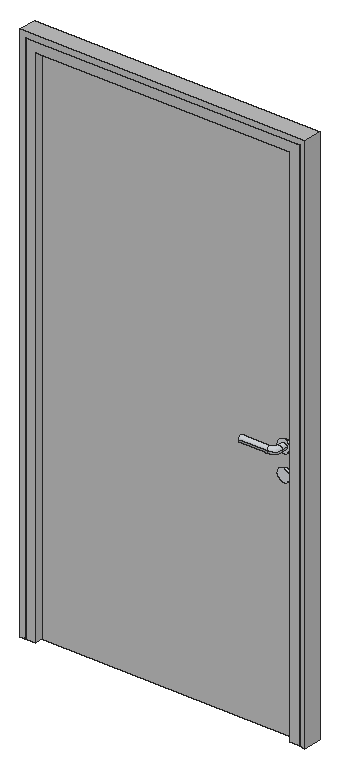
Revit family "BRU_Дверь_Однопольная_Стальная_Кл_П", category Двери, Revit 2021
Family settings
  Основа = Стена
  Номер OmniClass = 23.30.10.00
  Заголовок OmniClass = Doors
  Всегда вертикально = Да
  При загрузке вырезать с полостями = Нет
  Общий = Нет
  Точка принадлежности помещению = Нет
Parameters (values of type "ДСВ-О-Н-EI60 1100х2100(h) Пр")
  Четверть сверху.Размер [instance] = 30 mm
  Четверть (есть/нет) [instance] = no
  Четверть сверху [instance] = if([Четверть (есть/нет)], Четверть сверху.Размер, 0 mm)  # 0 mm
  Четверть сбоку [instance] = if([Четверть (есть/нет)], Четверти сбоку.Размер, 0 mm)  # 0 mm
  Четверти сбоку.Размер [instance] = 30 mm
  Угол в плане 30 [instance] = yes
  Тип полотна двери = Полотно : Глухое
  Ручка двери = none
  Рама двери.Ширина справа = 80 mm
  Рама двери.Ширина слева = 80 mm
  Рама двери.Ширина внизу = 80 mm
  Рама двери.Ширина вверху = 80 mm
  Полотно двери. Высота = Height - Коробка.Ширина  # 2050 mm
  Площадь [instance] = Rough Width * Rough Height  # 2.453 m²
  Откосы.Ширина [instance] = 530 mm
  Define Thermal Properties by = 1
  Fire Rating = ""
  О_Обозначение = ""
  О_Наименование = ""
  Монтажный зазор снизу.Толщина [instance] = 130 mm
  Монтажный зазор сверху.Толщина = 20 mm
  Коробка.Ширина = 30 mm
  Коробка.Толщина = 70 mm
  Правая = yes
  Полотно.Толщина = 40 mm
  Полотно двери = none
  Остекление двери = none
  Наличник.Ширина [instance] = 60 mm
  Наличник.Толщина [instance] = 10 mm
  Наличник снаружи (есть/нет) [instance] = no
  Наличник внутри (есть/нет) [instance] = no
  Монтажный зазор сбоку.Толщина = 20 mm
  Type Comments = ""
  Глубина выреза проема наружу [instance] = 200 mm
  Глубина выреза проема внутрь [instance] = 200 mm
  Глубина вставки двери [instance] = 0 mm
  Левая = not(Правая)  # no
  Защитное ограждение (есть/нет) = no
  Огибание наружных слоев [instance] = 0 mm
  Width = 1060 mm
  Rough Width [instance] = Width + Монтажный зазор сбоку.Толщина * 2  # 1100 mm
  Rough Height [instance] = Height + Монтажный зазор сверху.Толщина + Монтажный зазор снизу.Толщина  # 2230 mm
  Группа модели = "Дверь глухая с порогом"
  Manufacturer = ""
  Wall Closure = (empty or 0)
  Height = 2080 mm
  Description = ""
  Тип конструкций = "Дверь стальная"
  Аналитическая конструкция = "<Нет>"
  BRU_ДверьТип = "BRU_Дверь_Однопольная_Стальная_Техническая_Противопожарная"
  ADSK_Этаж [instance] = ""
  ADSK_Толщина стены [instance] = 0 mm
  ADSK_Примечание [instance] = ""
  ADSK_Предел огнестойкости = "EI60"
  ADSK_Позиция [instance] = ""
  ADSK_Открывание = if(Правая, "Правая", "Левая")  # "Правая"
  ADSK_Обозначение = "ГОСТ 6629-88"  # constant formula
  ADSK_Наименование краткое = ""
  ADSK_Наименование = "ДСВ-О-Н-EI60 1100х2100(h)"
  ADSK_Масса_Текст = ""
  ADSK_Количество [instance] = 0
  ADSK_Код изделия = ""
  ADSK_Зона [instance] = ""
  ADSK_Завод-изготовитель = ""
  ADSK_Единица измерения = ""
  ADSK_Группирование [instance] = ""
  ADSK_URL страницы изделия = ""
  ADSK_URL документации изделия = ""
Types (2, lengths in mm): name | Полотно двери. Высота | Площадь | Правая | Левая | Width | Rough Width | Rough Height | Height | ADSK_Открывание
  ДСВ-О-Н-EI60 1100х2100(h) Пр | 2050 | 2.453 m² | yes | no | 1060 | 1100 | 2230 | 2080 | "Правая"
  ДСВ-О-Н-EI60 1100х2100(h) Л | 2070 | 2.565 m² | no | yes | 1100 | 1140 | 2250 | 2100 | "Левая"
Reference planes
  plane 1: y = 0
  plane 2 "По центру (Влево/Вправо)": x = 0
  plane 3 "Слева": x = -550
  plane 4 "Справа": x = 550
  plane 5: z = 2230
  plane 6 "Наружный": y = 300
  plane 7 "Внутренние": y = -300
  plane 8 "Вставка двери": y = 300
  plane 9 "Четверть слева": x = -550
  plane 10 "Четверть справа": x = 550
  plane 11 "Четверть сверху": z = 2230
  plane 12 "Полотно двери": y = 260
  plane 13 "Рама внутри": y = 230
  plane 14 "Монтажный зазор слева": x = -530
  plane 15 "Монтажный зазор справа": x = 530
  plane 16 "Монтажный зазор сверху": z = 2210
  plane 17 "Глубина огибания наружного слоя": y = 300
  plane 18: y = 310
  plane 19: x = 540
  plane 20: y = -310
  plane 21: x = -540
  plane 22: y = 500
  plane 23: y = -500
  plane 24 "2": z = 130
Forms (mm)
  Extrusion 1, void
    sketch origin (0, 0, 0) x (1, 0, 0) y (0, 1, 0)
      loop
        line (550, 300) -> (-550, 300) -> (-550, -500) -> (550, -500) -> (550, 300)
    from 0 to 2230
  Extrusion 2, void
    sketch origin (0, 0, 0) x (1, 0, 0) y (0, 1, 0)
      loop
        line (550, 500) -> (-550, 500) -> (-550, 300) -> (550, 300) -> (550, 500)
    from 0 to 2230
  Sweep 3, solid, material <- "Полотно двери", visible <- "Наличник снаружи (есть/нет)", detail levels fine
    path origin (0, 300, 0) x (1, 0, 0) y (0, 0, 1)
      loop
        line (-550, 130) -> (-550, 2230) -> (550, 2230) -> (550, 130)
    profile origin (-550, 300, 1180) x (-1, 0, 0) y (0, -1, 0)
      loop
        line (-10, 0) -> (-10, -5)
        arc (-10, -5) -> (-8.536, -8.536) -> (-5, -10) r 5
        line (-5, -10) -> (45, -10)
        arc (45, -10) -> (48.536, -8.536) -> (50, -5) r 5
        line (50, -5) -> (50, 0) -> (-10, 0)
  Sweep 4, solid, material <- "Полотно двери", visible <- "Наличник внутри (есть/нет)", detail levels fine
    path origin (0, -300, 0) x (1, 0, 0) y (0, 0, 1)
      loop
        line (-550, 130) -> (-550, 2230) -> (550, 2230) -> (550, 130)
    profile origin (-550, -300, 1180) x (-1, 0, 0) y (0, -1, 0)
      loop
        line (-20, 0) -> (40, 0) -> (40, 5)
        arc (40, 5) -> (38.536, 8.536) -> (35, 10) r 5
        line (35, 10) -> (-15, 10)
        arc (-15, 10) -> (-18.536, 8.536) -> (-20, 5) r 5
        line (-20, 5) -> (-20, 0)
  Sweep 5, solid, material <- "Полотно двери"
    path origin (0, 300, 0) x (-1, 0, 0) y (0, 0, 1)
      loop
        line (530, 130) -> (530, 2210) -> (-530, 2210) -> (-530, 130)
    profile origin (530, 300, 1170) x (0, 1, 0) y (-1, 0, 0)
      loop
        line (0, 0) -> (0, 30) -> (-40, 30) -> (-40, 40) -> (-70, 40) -> (-70, 0) -> (0, 0)
  Sweep 6, solid, material <- "Полотно двери", visible <- "Наличник снаружи (есть/нет)", detail levels fine
    path origin (0, 300, 0) x (-1, 0, 0) y (0, 0, 1)
      loop
        line (550, 130) -> (550, 2230) -> (-550, 2230) -> (-550, 130)
    profile origin (550, 300, 1180) x (0, 1, 0) y (-1, 0, 0)
      loop
        line (5, 0) -> (5, 10) -> (0, 10) -> (0, 0) -> (5, 0)
  Extrusion 7, solid, material <- "Полотно двери"
    sketch origin (-2514.822, 300, 1200) x (-1, 0, 0) y (0, 0, 1)
      loop
        line (-3064.822, 1030) -> (-3064.822, -1070) -> (-3043.822, -1070) -> (-3043.822, 1009) -> (-1985.822, 1009) -> (-1985.822, -1070) -> (-1964.822, -1070) -> (-1964.822, 1030) -> (-3064.822, 1030)
    from 0 to -70
Cuts and joins
  joined: Sweep 3, Sweep 6
Lines and regions (mm)
  Masking region 1, detail levels fine
    outline origin (0, 0, 0) x (0, 1, 0) y (0, 0, 1)
      loop
        line (230, 2170) -> (260, 2170) -> (260, 2180) -> (300, 2180) -> (300, 2210) -> (230, 2210) -> (230, 2170)
  Masking region 2, detail levels fine
    outline origin (0, 0, 0) x (0, 1, 0) y (0, 0, 1)
      loop
        line (300, 130) -> (300, 2180) -> (260, 2180) -> (260, 130) -> (300, 130)
  Masking region 3, detail levels fine
    outline origin (0, 0, 0) x (0, 1, 0) y (0, 0, 1)
      loop
        line (230, 2170) -> (230, 130) -> (260, 130) -> (260, 2170) -> (230, 2170)
  Masking region 4, detail levels coarse+medium
    outline origin (0, 0, 0) x (0, 1, 0) y (0, 0, 1)
      loop
        line (300, 130) -> (300, 2230) -> (230, 2230) -> (230, 130) -> (300, 130)
Text (mm)
  text "Наружный" at (-2295.016, 1099.543, 0), in view "Опорный уровень "
  text "Наружный" at (0, 1615.38, 3698.081), in view "Слева"
  text "Наружный" at (0, 1036.032, 3874.932), in view "Справа"
Dimensions and locks
  equal spacing: plane 14 "Монтажный зазор слева", plane 2 "По центру (Влево/Вправо)", plane 15 "Монтажный зазор справа"
  "Width": plane 14 "Монтажный зазор слева" to plane 15 "Монтажный зазор справа"
  "Height": plane 16 "Монтажный зазор сверху" to plane 24 "2"
  host wall to plane 5 = 2230 mm  (x2)
  locked: plane 6 "Наружный" to host wall
  locked: plane 7 "Внутренние" to host wall
  "Четверть сбоку": plane 3 "Слева" to plane 9 "Четверть слева"
  "Четверть сбоку": plane 10 "Четверть справа" to plane 4 "Справа"
  "Глубина вставки двери": plane 6 "Наружный" to plane 8 "Вставка двери"
  "Наличник.Ширина": Sweep 3 sketch curve to plane 21
  "Коробка.Толщина": plane 8 "Вставка двери" to plane 13 "Рама внутри"
  "Полотно.Толщина": plane 8 "Вставка двери" to plane 12 "Полотно двери"
  "Огибание наружных слоев": plane 6 "Наружный" to plane 17 "Глубина огибания наружного слоя"
  "Наличник.Ширина": Sweep 4 sketch curve to Sweep 4 sketch curve
  locked: Sweep 4 sketch curve to Sweep 4 sketch curve at 5  (x4)
  locked: Sweep 3 sketch curve to Sweep 3 sketch curve at 5
  "Коробка.Ширина": Sweep 5 sketch curve to profile plane
  locked: Sweep 5 sketch curve to Sweep 5 sketch curve at 10
  "Наличник.Толщина": plane 7 "Внутренние" to plane 20
  "Наличник.Толщина": plane 18 to plane 6 "Наружный"
  "Наличник.Толщина": plane 9 "Четверть слева" to plane 21
  "Наличник.Толщина": plane 19 to plane 10 "Четверть справа"
  locked: plane 18 to Sweep 3 sketch curve at 5  (x2)
  locked: Sweep 3 sketch curve to plane 21 at 5
  locked: plane 18 to Sweep 6 sketch curve at 5
  "Откосы.Ширина": plane 7 "Внутренние" to plane 13 "Рама внутри"
  equal spacing: plane 3 "Слева", plane 2 "По центру (Влево/Вправо)", plane 4 "Справа"
  "Rough Width": plane 3 "Слева" to plane 4 "Справа"
  "Глубина выреза проема внутрь": plane 23 to plane 7 "Внутренние"
  "Глубина выреза проема наружу": plane 6 "Наружный" to plane 22
  locked: Extrusion 7 sketch curve to plane 15 "Монтажный зазор справа" at 1
  locked: Extrusion 7 sketch curve to plane 16 "Монтажный зазор сверху" at 1
  locked: plane 14 "Монтажный зазор слева" to Extrusion 7 sketch curve at 1
  "Монтажный зазор снизу.Толщина": level to plane 24 "2"
  "Монтажный зазор сверху.Толщина": plane 5 to plane 16 "Монтажный зазор сверху"
  "Четверть сверху": plane 5 to plane 11 "Четверть сверху"
  aligned and locked: plane 1 to host wall
  aligned and locked: plane 8 "Вставка двери" to Extrusion 1 sketch curve
  aligned and locked: plane 3 "Слева" to Extrusion 1 sketch curve
  aligned and locked: Extrusion 1 sketch curve to plane 4 "Справа"
  aligned and locked: Extrusion 1 to level
  aligned and locked: Extrusion 1 to plane 5
  aligned and locked: Extrusion 2 sketch curve to plane 8 "Вставка двери"
  aligned and locked: plane 10 "Четверть справа" to Extrusion 2 sketch curve
  aligned and locked: Extrusion 2 sketch curve to plane 9 "Четверть слева"
  aligned and locked: Extrusion 2 to level
  aligned and locked: plane 11 "Четверть сверху" to Extrusion 2
  aligned and locked: plane 9 "Четверть слева" to Sweep 3 sketch curve
  aligned and locked: plane 11 "Четверть сверху" to Sweep 3 sketch curve
  aligned and locked: plane 10 "Четверть справа" to Sweep 3 sketch curve
  aligned and locked: Sweep 4 sketch curve to plane 3 "Слева"
  aligned and locked: Sweep 4 sketch curve to plane 5
  aligned and locked: Sweep 4 sketch curve to plane 4 "Справа"
  aligned and locked: Sweep 4 sketch curve to plane 7 "Внутренние"
  aligned and locked: Sweep 5 sketch curve to plane 15 "Монтажный зазор справа"
  aligned and locked: Sweep 5 sketch curve to plane 16 "Монтажный зазор сверху"
  aligned and locked: Sweep 5 sketch curve to plane 14 "Монтажный зазор слева"
  aligned and locked: profile plane to Sweep 5 sketch curve
  aligned and locked: plane 13 "Рама внутри" to Sweep 5 sketch curve
  aligned and locked: plane 8 "Вставка двери" to Sweep 5 sketch curve
  aligned and locked: plane 12 "Полотно двери" to Sweep 5 sketch curve
  aligned and locked: plane 12 "Полотно двери" to nested 1
  aligned and locked: nested 1 to plane 8 "Вставка двери"
  aligned and locked: Sweep 5 to nested 1
  aligned and locked: nested 1 to Sweep 5  (x2)
  aligned and locked: plane 2 "По центру (Влево/Вправо)" to nested 2
  aligned and locked: nested 2 to plane 8 "Вставка двери"
  aligned and locked: plane 12 "Полотно двери" to nested 2
  aligned and locked: plane 13 "Рама внутри" to nested 2
  aligned and locked: plane 2 "По центру (Влево/Вправо)" to nested 3
  aligned and locked: plane 8 "Вставка двери" to nested 3
  aligned and locked: nested 3 to plane 12 "Полотно двери"
  aligned and locked: nested 3 to plane 13 "Рама внутри"
  aligned and locked: Sweep 4 sketch curve to plane 14 "Монтажный зазор слева"
  aligned and locked: profile plane to Sweep 3 sketch curve
  aligned and locked: Sweep 6 sketch curve to plane 11 "Четверть сверху"
  aligned and locked: plane 10 "Четверть справа" to Sweep 6 sketch curve  (x2)
  aligned and locked: plane 9 "Четверть слева" to Sweep 6 sketch curve
  aligned and locked: plane 8 "Вставка двери" to Sweep 6 sketch curve
  aligned and locked: plane 20 to Sweep 4 sketch curve
  aligned and locked: plane 18 to Sweep 3 sketch curve
  aligned and locked: Sweep 6 sketch curve to plane 19
  aligned and locked: Masking region 1 sketch curve to Sweep 5  (x2)
  aligned and locked: plane 12 "Полотно двери" to Masking region 1 sketch curve
  aligned and locked: plane 13 "Рама внутри" to Masking region 1 sketch curve
  aligned and locked: plane 8 "Вставка двери" to Masking region 1 sketch curve
  aligned and locked: plane 16 "Монтажный зазор сверху" to Masking region 1 sketch curve
  aligned and locked: plane 8 "Вставка двери" to Masking region 2 sketch curve
  aligned and locked: plane 12 "Полотно двери" to Masking region 2 sketch curve
  aligned and locked: Masking region 2 sketch curve to Sweep 5
  aligned and locked: Masking region 3 sketch curve to Sweep 5
  aligned and locked: plane 13 "Рама внутри" to Masking region 3 sketch curve
  aligned and locked: plane 12 "Полотно двери" to Masking region 3 sketch curve
  aligned and locked: plane 8 "Вставка двери" to Masking region 4 sketch curve
  aligned and locked: plane 13 "Рама внутри" to Masking region 4 sketch curve
  aligned and locked: plane 5 to Masking region 4 sketch curve
  aligned and locked: Extrusion 7 sketch curve to plane 4 "Справа"
  aligned and locked: Extrusion 7 sketch curve to plane 3 "Слева"
  aligned and locked: Extrusion 7 sketch curve to plane 5
  aligned and locked: Extrusion 7 to plane 13 "Рама внутри"
  aligned and locked: plane 8 "Вставка двери" to Extrusion 7
  aligned and locked: plane 22 to Extrusion 2 sketch curve
  aligned and locked: Extrusion 1 sketch curve to plane 23
  aligned and locked: plane 24 "2" to Sweep 5 sketch curve  (x2)
  aligned and locked: plane 24 "2" to Sweep 3 sketch curve  (x2)
  aligned and locked: plane 24 "2" to Sweep 6 sketch curve  (x2)
  aligned and locked: plane 24 "2" to Sweep 4 sketch curve  (x2)
  aligned and locked: Extrusion 7 sketch curve to plane 24 "2"
  aligned and locked: plane 24 "2" to Extrusion 7 sketch curve
  aligned and locked: Masking region 4 sketch curve to plane 24 "2"
  aligned and locked: Masking region 3 sketch curve to plane 24 "2"
  aligned and locked: Masking region 2 sketch curve to plane 24 "2"
Nested families
  nested 1: "Полотно" at (0, 300, 130), type <- "Тип полотна двери", Полотно двери.Высота <- "Полотно двери. Высота", type "Глухое"
    with Полотно двери.Ширина 1000 mm, Полотно двери.Толщина 40 mm, Полотно двери.Высота 2050 mm
  nested 2: "Обозначение на плане" at (0, 300, 0), Ширина двери <- "Rough Width", visible <- "Правая", Монтажный зазор <- "Монтажный зазор сбоку.Толщина", Ширина коробки <- "Коробка.Ширина", Толщина полотна двери <- "Полотно.Толщина", Толщина коробки <- "Коробка.Толщина", type "По-умолчанию"
    with Ширина полотна двери 1000 mm, Ширина коробки 30 mm, Ширина двери 1100 mm, Толщина полотна двери 40 mm, Толщина коробки 70 mm, Монтажный зазор 20 mm
  nested 3: "Обозначение на плане" at (0, 300, 0) x (-1, 0, 0) z (0, 0, 1), Ширина двери <- "Rough Width", visible <- "Левая", Монтажный зазор <- "Монтажный зазор сбоку.Толщина", Ширина коробки <- "Коробка.Ширина", Толщина полотна двери <- "Полотно.Толщина", Толщина коробки <- "Коробка.Толщина", type "По-умолчанию"
    with Ширина полотна двери 1000 mm, Ширина коробки 30 mm, Ширина двери 1100 mm, Толщина полотна двери 40 mm, Толщина коробки 70 mm, Монтажный зазор 20 mm
Definition of nested family "Полотно"
  Parameters (values of type "Глухое")
    Ручка.Отступ от края = 50 mm
    Ручка.Высота расположения = 1000 mm
    Ручка двери = none
    Рама справа.Ширина = 150 mm
    Рама слева.Ширина = 150 mm
    Рама внизу.Ширина = 600 mm
    Рама вверху.Ширина = 150 mm
    Правая = yes
    Полотно остекленное = no
    Полотно двери.Ширина [instance] = 1000 mm
    Полотно двери.Толщина [instance] = 40 mm
    Полотно двери.Высота [instance] = 2100 mm
    Полотно двери = none
    Полотно глухое = yes
    Остекление двери = none
    Левая = not(Правая)  # no
    Защитные ограждения = no
    Analytic Construction = "<Нет>"
  Types (2, lengths in mm): name | Рама справа.Ширина | Рама слева.Ширина | Рама внизу.Ширина | Рама вверху.Ширина | Полотно остекленное | Полотно глухое
    Глухое | 150 | 150 | 600 | 150 | no | yes
    Остекленное | 80 | 80 | 80 | 80 | yes | no
  Reference planes
    plane 1 "Center (Front/Back)": y = 0
    plane 2: z = 0
    plane 3 "Center (Left/Right)": x = 0
    plane 4: x = -500
    plane 5: x = 500
    plane 6 "Back": y = -40
    plane 7: z = 2100
    plane 8 "Высота расположения ручки": z = 1000
    plane 9 "Отступ ручки справа": x = 450
    plane 10 "Отступ ручки слева": x = -450
    plane 11 "Остекление снаружи": y = -8
    plane 12 "Остекление внутри": y = -32
    plane 13 "Ширина рамы справа": x = -350
    plane 14 "Ширина рамы слева": x = 350
    plane 15 "Ширина рамы внизу": z = 600
    plane 16 "Ширина рамы вверху": z = 1950
    plane 17: z = 950
    plane 18: z = 800
    plane 19: z = 650
    plane 20: z = 1050
  Forms (mm)
    Extrusion 1, solid, material <- "Полотно двери", visible <- "Полотно глухое"
      sketch origin (0, 0, 0) x (1, 0, 0) y (0, 0, 1)
        loop
          line (-500, 2100) -> (-500, 0) -> (500, 0) -> (500, 2100) -> (-500, 2100)
      from 0 to 40 <- "Полотно двери.Толщина"
    Extrusion 2, solid, material <- "Полотно двери", visible <- "Полотно остекленное"
      sketch origin (0, 0, 0) x (1, 0, 0) y (0, 0, 1)
        loop
          line (-500, 2100) -> (-500, 0) -> (500, 0) -> (500, 2100) -> (-500, 2100)
        loop
          line (-350, 600) -> (350, 600) -> (350, 1950) -> (-350, 1950) -> (-350, 600)
      from 0 to 40
    Extrusion 3, solid, material <- "Остекление двери", visible <- "Полотно остекленное"
      sketch origin (-646.608, -8, 1200) x (-1, 0, 0) y (0, 0, 1)
        loop
          line (-296.608, 750) -> (-996.608, 750) -> (-996.608, -600) -> (-296.608, -600) -> (-296.608, 750)
      from 0 to -24
    Sweep 4, solid, material <- "Ручка двери", visible <- "Защитные ограждения", detail levels medium+fine
      path origin (-858.179, -1524, 950) x (-1, 0, 0) y (0, -1, 0)
        loop
          arc (-478.179, -1469) -> (-482.572, -1458.393) -> (-493.179, -1454) r 15
          line (-493.179, -1454) -> (-1223.179, -1454)
          arc (-1223.179, -1454) -> (-1233.785, -1458.393) -> (-1238.179, -1469) r 15
          line (-1238.179, -1469) -> (-1238.179, -1539)
          arc (-1238.179, -1539) -> (-1233.785, -1549.607) -> (-1223.179, -1554) r 15
          line (-1223.179, -1554) -> (-493.179, -1554)
          arc (-493.179, -1554) -> (-482.572, -1549.607) -> (-478.179, -1539) r 15
          line (-478.179, -1539) -> (-478.179, -1469)
      profile origin (-380, -20, 950) x (-1, 0, 0) y (0, 0, 1)
        loop
          circle (0, 0) r 10
    Sweep 5, solid, material <- "Ручка двери", visible <- "Защитные ограждения", detail levels medium+fine
      path origin (-858.179, -1524, 800) x (-1, 0, 0) y (0, -1, 0)
        loop
          arc (-478.179, -1469) -> (-482.572, -1458.393) -> (-493.179, -1454) r 15
          line (-493.179, -1454) -> (-1223.179, -1454)
          arc (-1223.179, -1454) -> (-1233.785, -1458.393) -> (-1238.179, -1469) r 15
          line (-1238.179, -1469) -> (-1238.179, -1539)
          arc (-1238.179, -1539) -> (-1233.785, -1549.607) -> (-1223.179, -1554) r 15
          line (-1223.179, -1554) -> (-493.179, -1554)
          arc (-493.179, -1554) -> (-482.572, -1549.607) -> (-478.179, -1539) r 15
          line (-478.179, -1539) -> (-478.179, -1469)
      profile origin (-380, -20, 800) x (-1, 0, 0) y (0, 0, 1)
        loop
          circle (0, 0) r 10
    Sweep 6, solid, material <- "Ручка двери", visible <- "Защитные ограждения", detail levels medium+fine
      path origin (-858.179, -1524, 650) x (-1, 0, 0) y (0, -1, 0)
        loop
          arc (-478.179, -1469) -> (-482.572, -1458.393) -> (-493.179, -1454) r 15
          line (-493.179, -1454) -> (-1223.179, -1454)
          arc (-1223.179, -1454) -> (-1233.785, -1458.393) -> (-1238.179, -1469) r 15
          line (-1238.179, -1469) -> (-1238.179, -1539)
          arc (-1238.179, -1539) -> (-1233.785, -1549.607) -> (-1223.179, -1554) r 15
          line (-1223.179, -1554) -> (-493.179, -1554)
          arc (-493.179, -1554) -> (-482.572, -1549.607) -> (-478.179, -1539) r 15
          line (-478.179, -1539) -> (-478.179, -1469)
      profile origin (-380, -20, 650) x (-1, 0, 0) y (0, 0, 1)
        loop
          circle (0, 0) r 10
  Lines and regions (mm)
    symbolic lines, visible <- "Правая", detail levels medium
      curve 1: line (-500, 0, 0) -> (500, 0, 1050)
      curve 2: line (500, 0, 1050) -> (-500, 0, 2100)
    symbolic lines, visible <- "Левая", detail levels medium
      curve 3: line (500, 0, 0) -> (-500, 0, 1050)
      curve 4: line (-500, 0, 1050) -> (500, 0, 2100)
  Dimensions and locks
    "Полотно двери.Толщина": plane 1 "Center (Front/Back)" to plane 6 "Back"
    equal spacing: plane 4, plane 3 "Center (Left/Right)", plane 5
    "Полотно двери.Ширина": plane 4 to plane 5
    "Полотно двери.Высота": plane 7 to plane 2
    "Ручка.Высота расположения": plane 8 "Высота расположения ручки" to level
    "Ручка.Отступ от края": plane 5 to plane 9 "Отступ ручки справа"
    "Ручка.Отступ от края": plane 10 "Отступ ручки слева" to plane 4
    locked: plane 12 "Остекление внутри" to plane 6 "Back" at 8
    locked: plane 1 "Center (Front/Back)" to plane 11 "Остекление снаружи" at 8
    "Рама вверху.Ширина": plane 7 to plane 16 "Ширина рамы вверху"
    "Рама внизу.Ширина": plane 15 "Ширина рамы внизу" to plane 2
    "Рама справа.Ширина": plane 5 to plane 14 "Ширина рамы слева"
    "Рама слева.Ширина": plane 13 "Ширина рамы справа" to plane 4
    locked: plane 17 to plane 2 at 950
    plane 17 to plane 18 to plane 19 = 150 mm locked, 150 mm locked
    locked: plane 1 "Center (Front/Back)" to Sweep 4 sketch curve at 30
    locked: Sweep 4 sketch curve to profile plane at 0
    locked: profile plane to Sweep 4 sketch curve at 0
    locked: Sweep 4 sketch curve to plane 6 "Back" at 30
    locked: Sweep 5 sketch curve to profile plane at 0
    locked: profile plane to Sweep 5 sketch curve at 0
    locked: Sweep 5 sketch curve to plane 6 "Back" at 30
    locked: plane 1 "Center (Front/Back)" to Sweep 5 sketch curve at 30
    locked: Sweep 6 sketch curve to profile plane at 0
    locked: profile plane to Sweep 6 sketch curve at 0
    locked: Sweep 6 sketch curve to plane 6 "Back" at 30
    locked: plane 1 "Center (Front/Back)" to Sweep 6 sketch curve at 30
    equal spacing: plane 7, plane 20, plane 2
    locked: Sweep 4 sketch curve to plane 13 "Ширина рамы справа" at 30
    locked: plane 14 "Ширина рамы слева" to Sweep 4 sketch curve at 30
    locked: plane 14 "Ширина рамы слева" to Sweep 5 sketch curve at 30
    locked: Sweep 5 sketch curve to plane 13 "Ширина рамы справа" at 30
    locked: Sweep 6 sketch curve to plane 13 "Ширина рамы справа" at 30
    locked: plane 14 "Ширина рамы слева" to Sweep 6 sketch curve at 30
    locked: Sweep 4 sketch curve to Sweep 4 sketch curve at 15  (x8)
    locked: Sweep 5 sketch curve to Sweep 5 sketch curve at 15  (x8)
    locked: Sweep 6 sketch curve to Sweep 6 sketch curve at 15  (x8)
    aligned and locked: level to plane 2
    aligned and locked: Extrusion 1 sketch curve to plane 7
    aligned and locked: plane 4 to Extrusion 1 sketch curve
    aligned and locked: plane 2 to Extrusion 1 sketch curve
    aligned and locked: Extrusion 1 sketch curve to plane 5
    aligned and locked: Extrusion 1 to plane 1 "Center (Front/Back)"
    aligned and locked: Extrusion 1 to plane 6 "Back"
    aligned and locked: nested 1 to plane 10 "Отступ ручки слева"
    aligned and locked: plane 1 "Center (Front/Back)" to nested 1
    aligned and locked: plane 6 "Back" to nested 1
    aligned and locked: plane 8 "Высота расположения ручки" to nested 1
    aligned and locked: nested 2 to plane 1 "Center (Front/Back)"
    aligned and locked: nested 2 to plane 6 "Back"
    aligned and locked: nested 2 to plane 9 "Отступ ручки справа"
    aligned and locked: nested 2 to plane 8 "Высота расположения ручки"
    aligned and locked: Extrusion 2 sketch curve to plane 4
    aligned and locked: Extrusion 2 sketch curve to plane 5
    aligned and locked: Extrusion 2 sketch curve to plane 7
    aligned and locked: Extrusion 2 sketch curve to plane 2
    aligned and locked: Extrusion 2 sketch curve to plane 15 "Ширина рамы внизу"
    aligned and locked: Extrusion 2 sketch curve to plane 13 "Ширина рамы справа"
    aligned and locked: Extrusion 2 sketch curve to plane 14 "Ширина рамы слева"
    aligned and locked: Extrusion 2 sketch curve to plane 16 "Ширина рамы вверху"
    aligned and locked: Extrusion 2 to plane 1 "Center (Front/Back)"
    aligned and locked: Extrusion 2 to plane 6 "Back"
    aligned and locked: plane 13 "Ширина рамы справа" to Extrusion 3 sketch curve
    aligned and locked: plane 14 "Ширина рамы слева" to Extrusion 3 sketch curve
    aligned and locked: plane 16 "Ширина рамы вверху" to Extrusion 3 sketch curve
    aligned and locked: plane 15 "Ширина рамы внизу" to Extrusion 3 sketch curve
    aligned and locked: Extrusion 3 to plane 11 "Остекление снаружи"
    aligned and locked: Extrusion 3 to plane 12 "Остекление внутри"
    aligned and locked: plane 4 to curve 1
    aligned and locked: plane 2 to curve 1
    aligned and locked: plane 5 to curve 2
    aligned and locked: plane 20 to curve 1
    aligned and locked: plane 7 to Extrusion 2
    aligned and locked: plane 4 to Extrusion 2
  Automatic sketch dimensions
    curve 3 to plane 4 = 0 mm
    curve 2 to plane 4 = 0 mm
    curve 3 to level = 0 mm
    curve 3 to plane 5 = 0 mm
    curve 4 to plane 5 = 0 mm
    curve 4 to plane 20 = 0 mm
    curve 4 to plane 7 = 0 mm
    curve 2 to plane 7 = 0 mm
    radius of Sweep 4 sketch curve = 10 mm
    radius of Sweep 5 sketch curve = 10 mm
    radius of Sweep 6 sketch curve = 10 mm
  Nested families
    nested 1: "Дверная ручка" at (-450, 0, 1000), visible <- "Левая", Полотно двери.Толщина <- "Полотно двери.Толщина", type "Дверная ручка", detail levels fine
      with Полотно двери.Толщина 40 mm
    nested 2: "Дверная ручка" at (450, 0, 1000) x (-1, 0, 0) z (0, 0, 1), visible <- "Правая", Полотно двери.Толщина <- "Полотно двери.Толщина", type "Дверная ручка", detail levels fine
      with Полотно двери.Толщина 40 mm
  Definition of nested family "Дверная ручка"
    Parameters (values of type "Дверная ручка")
      Полотно двери.Толщина [instance] = 40 mm
      Дверная ручка = none
      Analytic Construction = "<Нет>"
    Reference planes
      plane 1 "Center (Front/Back)": y = 0
      plane 2: z = 0
      plane 3 "Center (Left/Right)": x = 0
      plane 4: y = -40
      plane 5: z = -100
    Forms (mm)
      Sweep 1, solid, material <- "Дверная ручка", detail levels medium+fine
        path origin (0, 0, 0) x (1, 0, 0) y (0, 1, 0)
          loop
            line (130, 50) -> (20, 50)
            arc (20, 50) -> (5.858, 44.142) -> (0, 30) r 20
            line (0, 30) -> (0, -70)
            arc (0, -70) -> (5.858, -84.142) -> (20, -90) r 20
            line (20, -90) -> (130, -90)
        profile origin (0, -20, 0) x (1, 0, 0) y (0, 0, 1)
          loop
            circle (0, 0) r 12
      Extrusion 2, solid, material <- "Дверная ручка", detail levels medium+fine
        sketch origin (-2000, -40, 1200) x (-1, 0, 0) y (0, 0, 1)
          loop
            circle (-2000, -1200) r 25
        from 48 to -8
      Extrusion 3, solid, material <- "Дверная ручка", detail levels medium+fine
        sketch origin (-2000, -40, 1100) x (-1, 0, 0) y (0, 0, 1)
          loop
            circle (-2000, -1200) r 25
        from 48 to -8
    Cuts and joins
      joined: Sweep 1, Extrusion 2
    Dimensions and locks
      "Полотно двери.Толщина": plane 1 "Center (Front/Back)" to plane 4
      locked: Sweep 1 sketch curve to plane 4 at 50
      locked: plane 1 "Center (Front/Back)" to Sweep 1 sketch curve at 50
      locked: plane 4 to Sweep 1 sketch curve at 30
      locked: plane 1 "Center (Front/Back)" to Sweep 1 sketch curve at 30
      locked: plane 3 "Center (Left/Right)" to Sweep 1 sketch curve at 20  (x2)
      locked: plane 4 to Extrusion 2 at 8
      locked: Extrusion 3 sketch curve to plane 5 at 0
      locked: plane 3 "Center (Left/Right)" to Extrusion 3 sketch curve at 0
      locked: plane 1 "Center (Front/Back)" to cut or joined group of Sweep 1, Extrusion 2 at 8
      locked: Extrusion 3 to plane 1 "Center (Front/Back)" at 8
      aligned and locked: level to plane 2
      aligned and locked: Sweep 1 sketch curve to plane 3 "Center (Left/Right)"
    Automatic sketch dimensions
      Sweep 1 sketch curve to Sweep 1 sketch curve = 110 mm  (x2)
      Sweep 1 sketch curve to level = 0 mm
      profile plane to Sweep 1 sketch curve = 0 mm
      Extrusion 2 sketch curve to level = 0 mm
      Extrusion 2 sketch curve to plane 3 "Center (Left/Right)" = 0 mm
      radius of Sweep 1 sketch curve = 12 mm
      radius of Extrusion 2 sketch curve = 25 mm
      radius of Extrusion 3 sketch curve = 25 mm
Definition of nested family "Обозначение на плане"
  Parameters (values of type "По-умолчанию")
    Ширина полотна двери [instance] = Ширина двери - 60 mm - Монтажный зазор * 2  # 600 mm
    Ширина коробки [instance] = 30 mm
    Ширина двери [instance] = 700 mm
    Толщина полотна двери [instance] = 40 mm
    Толщина коробки [instance] = 80 mm
    Открывание двери.30° = yes
    Открывание двери.90° = not(Открывание двери.30°)  # no
    Монтажный зазор [instance] = 20 mm
    Линия открывания.Дуга = not(Открывание двери.30°)  # no
  Reference planes
    plane 1 "Center (Front/Back)": y = 0
    plane 2: z = 0
    plane 3 "Center (Left/Right)": x = 0
    plane 4: x = -350
    plane 5: x = 350
    plane 6 "Толщина коробки": y = -80
    plane 7 "Толщина полотна": y = -40
    plane 8: x = -330
    plane 9: x = 330
    plane 10: x = -300
    plane 11: x = 300
  Lines and regions (mm)
    Masking region 1, in view "Ref. Level", visible <- "Открывание двери.30°", detail levels fine
      outline origin (0, 0, 0) x (1, 0, 0) y (0, 1, 0)
        loop
          line (-300, 0) -> (-280, -34.641) -> (239.615, 265.359) -> (219.615, 300) -> (-300, 0)
    Masking region 2, in view "Ref. Level", visible <- "Открывание двери.90°", detail levels fine
      outline origin (0, 140, 0) x (1, 0, 0) y (0, 1, 0)
        loop
          line (-300, -140) -> (-260, -140) -> (-260, 460) -> (-300, 460) -> (-300, -140)
    Masking region 3, in view "Ref. Level", detail levels fine
      outline origin (0, 0, 0) x (1, 0, 0) y (0, 1, 0)
        loop
          line (-330, 0) -> (-350, 0) -> (-350, -80) -> (-330, -80) -> (-330, 0)
    Masking region 4, in view "Ref. Level", detail levels fine
      outline origin (0, 0, 0) x (1, 0, 0) y (0, 1, 0)
        loop
          line (-330, 0) -> (-330, -80) -> (-290, -80) -> (-290, -40) -> (-300, -40) -> (-300, 0) -> (-330, 0)
    Masking region 5, in view "Ref. Level", detail levels fine
      outline origin (0, 0, 0) x (1, 0, 0) y (0, 1, 0)
        loop
          line (330, 0) -> (330, -80) -> (350, -80) -> (350, 0) -> (330, 0)
    Masking region 6, in view "Ref. Level", detail levels fine
      outline origin (0, 0, 0) x (1, 0, 0) y (0, 1, 0)
        loop
          line (330, 0) -> (300, 0) -> (300, -40) -> (290, -40) -> (290, -80) -> (330, -80) -> (330, 0)
    Masking region 7, in view "Ref. Level", visible <- "Открывание двери.30°", detail levels fine
      outline origin (0, 140, 0) x (1, 0, 0) y (0, 1, 0)
        loop
          line (-300, -140) -> (-260, -140) -> (-260, 460) -> (-300, 460) -> (-300, -140)
    detail lines, in view "Ref. Level", visible <- "Открывание двери.90°", detail levels coarse+medium
      curve 1: line (-350, 0, 0) -> (-350, 700, 0)
    detail lines, in view "Ref. Level", visible <- "Линия открывания.Дуга", detail levels coarse+medium
      curve 2: arc (350, 0, 0) -> (144.975, 494.975, 0) -> (-350, 700, 0) r 700
    detail lines, in view "Ref. Level", visible <- "Открывание двери.30°", detail levels coarse+medium
      curve 3: line (-350, 0, 0) -> (256.218, 350, 0)
    detail lines, in view "Ref. Level", visible <- "Линия открывания.Дуга", detail levels fine
      curve 4: arc (300, 0, 0) -> (138.178, 409.878, 0) -> (-260, 598.665, 0) r 600
    detail lines, in view "Ref. Level", visible <- "Открывание двери.30°", detail levels fine
      curve 5: arc (300, 0, 0) -> (138.178, 409.878, 0) -> (-260, 598.665, 0) r 600
  Dimensions and locks
    equal spacing: plane 4, plane 3 "Center (Left/Right)", plane 5
    "Ширина двери": plane 4 to plane 5
    "Ширина двери": plane 1 "Center (Front/Back)" to curve 1
    "Ширина двери": curve 3 to curve 3
    "Толщина полотна двери": plane 1 "Center (Front/Back)" to plane 7 "Толщина полотна"
    "Толщина коробки": plane 1 "Center (Front/Back)" to plane 6 "Толщина коробки"
    "Монтажный зазор": plane 4 to plane 8
    "Монтажный зазор": plane 9 to plane 5
    "Ширина полотна двери": Masking region 1 sketch curve to Masking region 1 sketch curve
    "Ширина полотна двери": Masking region 2 sketch curve to Masking region 2 sketch curve
    "Толщина полотна двери": Masking region 2 sketch curve to Masking region 2 sketch curve
    "Ширина коробки": plane 8 to plane 10
    "Ширина коробки": plane 11 to plane 9
    locked: plane 10 to Masking region 4 sketch curve at 10
    locked: Masking region 6 sketch curve to plane 11 at 10
    "Ширина полотна двери": Masking region 7 sketch curve to Masking region 7 sketch curve
    "Толщина полотна двери": Masking region 7 sketch curve to Masking region 7 sketch curve
    "Ширина полотна двери": radius of curve 4
    "Ширина полотна двери": radius of curve 5
    locked: plane 1 "Center (Front/Back)" to curve 3 (angle 30.00°)
    locked: plane 1 "Center (Front/Back)" to Masking region 1 sketch curve (angle 30.00°)  (x2)
    aligned and locked: plane 1 "Center (Front/Back)" to curve 1
    aligned and locked: plane 1 "Center (Front/Back)" to curve 2
    aligned and locked: plane 4 to curve 3
    aligned and locked: plane 1 "Center (Front/Back)" to Masking region 1 sketch curve
    aligned and locked: Masking region 2 sketch curve to plane 1 "Center (Front/Back)"
    aligned and locked: Masking region 3 sketch curve to plane 8
    aligned and locked: Masking region 3 sketch curve to plane 4
    aligned and locked: Masking region 3 sketch curve to plane 6 "Толщина коробки"
    aligned and locked: Masking region 3 sketch curve to plane 1 "Center (Front/Back)"
    aligned and locked: Masking region 4 sketch curve to plane 8
    aligned and locked: Masking region 4 sketch curve to plane 10
    aligned and locked: Masking region 4 sketch curve to plane 6 "Толщина коробки"
    aligned and locked: Masking region 4 sketch curve to plane 7 "Толщина полотна"
    aligned and locked: Masking region 4 sketch curve to plane 1 "Center (Front/Back)"
    aligned and locked: plane 1 "Center (Front/Back)" to Masking region 5 sketch curve
    aligned and locked: plane 9 to Masking region 5 sketch curve
    aligned and locked: plane 6 "Толщина коробки" to Masking region 5 sketch curve
    aligned and locked: Masking region 5 sketch curve to plane 5
    aligned and locked: Masking region 6 sketch curve to plane 9
    aligned and locked: Masking region 6 sketch curve to plane 11
    aligned and locked: Masking region 6 sketch curve to plane 1 "Center (Front/Back)"
    aligned and locked: Masking region 6 sketch curve to plane 7 "Толщина полотна"
    aligned and locked: Masking region 6 sketch curve to plane 6 "Толщина коробки"
  Automatic sketch dimensions
    curve 4 to curve 5 = 0 mm  (x3)
    plane 1 "Center (Front/Back)" to curve 4 = 0 mm
    curve 4 to plane 10 = 0 mm
    plane 10 to curve 5 = 40 mm
    Masking region 1 sketch curve to plane 10 = 0 mm
    plane 7 "Толщина полотна" to Masking region 1 sketch curve = 5.359 mm
    Masking region 2 sketch curve to plane 10 = 0 mm
    Masking region 7 sketch curve to plane 10 = 0 mm
    plane 1 "Center (Front/Back)" to Masking region 7 sketch curve = 0 mm
